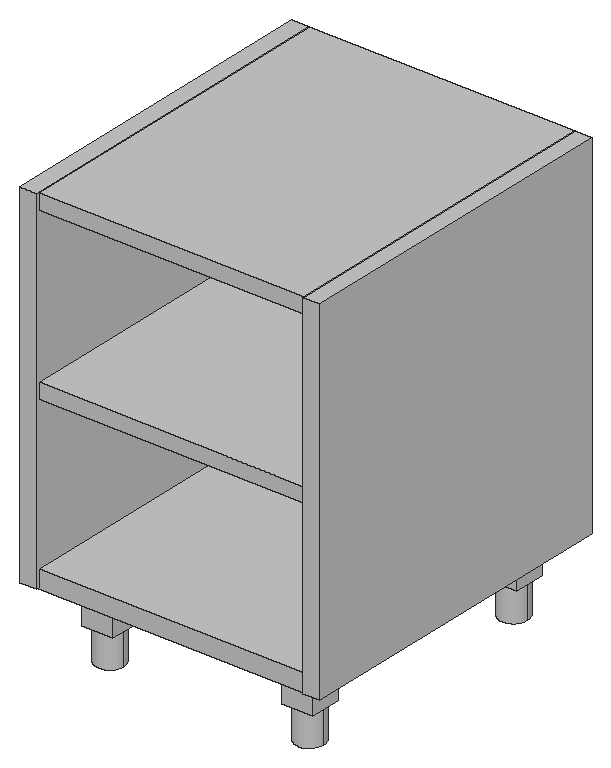
Revit family "QF_ELECTROLUXPROFESSIONAL_121811_TERG6", category Attrezzature speciali, Revit 2020
Family settings
  Quota connettore circolare = Usa diametro
  Tipo di parte = Normale
  Basato su piano di lavoro = No
  Sempre verticale = Sì
  Taglio con vuoti quando caricato = No
  Condiviso = No
  Punto di calcolo locali = No
Parameters (values of type "Standard")
  Weight = 9.00 kg
  Watts = 0 W
  Volts = 0 V
  URL Manufacturer = "https://www.electroluxprofessional.com/"
  URL = "https://www.electroluxprofessional.com/"
  Steam Supply Size = 0 mm
  Steam Supply Minimum Pressure = 0.0 Pa
  Steam Supply Maximum Pressure = 0.0 Pa
  Steam Consumption per Hour = 0
  Refrigeration Suction Line Size = 0.0 mm
  Refrigeration Liquid Line Size = 0.0 mm
  Refrigerant Compressor Remote = yes
  Prospetto di default = 0.0 mm
  Phase = 0
  Modello = "TERG6"
  Produttore = "Electrolux Professional"
  Length Actual = 600.0 mm  # constant formula
  Item Number = "121811"
  Hot Water Size = 0 mm
  Height Actual = 860.0 mm  # constant formula
  HP = "0 HP"
  Gas Size = 0 mm
  Gas KW = 0
  Gas Input Pressure = 0 W
  Direct Waste Size = 0 mm
  Descrizione = "OPEN AMBIENT UNIT 600MM"
  Depth Actual = 680.0 mm  # constant formula
  Cycle = 0 Hz
  Condensate Return Size = 0 mm
  Compressed Air Volume = 0.0 L/s
  Compressed Air Size = 0 mm
  Compressed Air Pressure = 0.0 Pa
  Cold Water Size = 0 mm
  Accessory = yes
Reference planes
  plane 1 "Center (Front/Back)": y = 0
  plane 2: z = 0
  plane 3 "Center (Left/Right)": x = -300
  plane 4 "LEFT": x = -600
  plane 5 "RIGHT": x = 0
  plane 6 "BACK": y = 340
  plane 7 "FRONT": y = -340
  plane 8 "Base": z = 860
  plane 9 "TOP": z = 900
  plane 10: x = -500
  plane 11: x = -100
  plane 12: y = 270
  plane 13: y = -240
  plane 14 "FEET": z = 150
  plane 15: x = 152.5
  plane 16: x = -566
  plane 17: x = -34
  plane 18: y = -337
  plane 19: y = 310
Forms (mm)
  Extrusion 1, solid, material "QF_Finishes_Stainless Steel"
    sketch origin (0, 0, 150) x (-1, 0, 0) y (0, -1, 0)
      loop
        line (600, -340) -> (600, 340) -> (566, 340) -> (566, -340) -> (600, -340)
      loop
        line (34, -340) -> (34, 340) -> (0, 340) -> (0, -340) -> (34, -340)
    from 0 to 710
  Extrusion 2, solid, material "QF_Finishes_Stainless Steel"
    sketch origin (0, 0, 150) x (-1, 0, 0) y (0, -1, 0)
      loop
        line (566, -310) -> (566, 337) -> (34, 337) -> (34, -310) -> (566, -310)
    from 0 to 35
  Extrusion 3, solid, material "QF_Finishes_Stainless Steel"
    sketch origin (0, 0, 0) x (1, 0, 0) y (0, 1, 0)
      loop
        line (-566, -337) -> (-34, -337) -> (-34, 310) -> (-566, 310) -> (-566, -337)
    from 490 to 520
  Extrusion 4, solid, material "QF_Finishes_Stainless Steel"
    sketch origin (0, 0, 0) x (1, 0, 0) y (0, 1, 0)
      loop
        line (-566, -337) -> (-34, -337) -> (-34, 340) -> (-566, 340) -> (-566, -337)
    from 830 to 860
  Extrusion 5, solid, material "QF_Finishes_Stainless Steel"
    sketch origin (0, 0, 150) x (-1, 0, 0) y (0, -1, 0)
      loop
        line (566, -340) -> (566, -310) -> (34, -310) -> (34, -340) -> (566, -340)
    from 680 to 0
Lines and regions (mm)
  symbolic lines, style "SpecialityEquipmentHiddenLines"
    curve 1: line (0, 340, 900) -> (-600, 340, 900)
    curve 2: line (0, -340, 900) -> (0, 340, 900)
    curve 3: line (-600, -344.5, 150) -> (-600, 340, 150)
    curve 4: line (-600, -340, 150) -> (-566, -340, 150)
    curve 5: line (-566, -340, 150) -> (-566, -337, 150)
    curve 6: line (-566, -337, 150) -> (-34, -337, 150)
    curve 7: line (-34, -337, 150) -> (-34, -340, 150)
    curve 8: line (-34, -340, 150) -> (0, -340, 150)
Dimensions and locks
  plane 4 "LEFT" to plane 5 "RIGHT" = 600.0 mm
  equal spacing: plane 4 "LEFT", plane 3 "Center (Left/Right)", plane 5 "RIGHT"
  plane 6 "BACK" to plane 7 "FRONT" = 680.0 mm
  equal spacing: plane 6 "BACK", plane 1 "Center (Front/Back)", plane 7 "FRONT"
  locked: plane 14 "FEET" to level at 150
  locked: plane 4 "LEFT" to plane 10 at 100
  locked: plane 11 to plane 5 "RIGHT" at 100
  locked: plane 4 "LEFT" to plane 16 at 34
  locked: plane 17 to plane 5 "RIGHT" at 34
  plane 18 to plane 7 "FRONT" = 3.0 mm
  plane 6 "BACK" to plane 19 = 30.0 mm
  locked: plane 6 "BACK" to plane 12 at 70
  locked: plane 13 to plane 7 "FRONT" at 100
  locked: plane 8 "Base" to level at 860
  locked: plane 9 "TOP" to level at 900
  aligned and locked: level to plane 2
  aligned and locked: plane 10 to nested 1
  aligned and locked: plane 11 to nested 2
  aligned and locked: plane 11 to nested 4
  aligned and locked: nested 4 to plane 12
  aligned and locked: plane 10 to nested 3
  aligned and locked: nested 3 to plane 12
  aligned and locked: plane 8 "Base" to Extrusion 1
  aligned and locked: plane 6 "BACK" to Extrusion 1 sketch curve
  aligned and locked: Extrusion 1 sketch curve to plane 6 "BACK"
  aligned and locked: plane 7 "FRONT" to Extrusion 1 sketch curve
  aligned and locked: Extrusion 1 sketch curve to plane 7 "FRONT"
  aligned and locked: plane 16 to Extrusion 1
  aligned and locked: Extrusion 1 to plane 17
  aligned and locked: Extrusion 2 to plane 16
  aligned and locked: plane 17 to Extrusion 2
  aligned and locked: plane 17 to Extrusion 3
  aligned and locked: Extrusion 3 to plane 16
  aligned and locked: plane 8 "Base" to Extrusion 4
  aligned and locked: Extrusion 2 to plane 18
  aligned and locked: Extrusion 2 to plane 19
  aligned and locked: Extrusion 3 to plane 19
  aligned and locked: Extrusion 4 to plane 18
  aligned and locked: Extrusion 3 to plane 18
  aligned and locked: plane 16 to Extrusion 5 sketch curve
  aligned and locked: Extrusion 5 sketch curve to plane 17
  aligned and locked: Extrusion 5 sketch curve to plane 6 "BACK"
  aligned and locked: Extrusion 5 sketch curve to plane 19
  aligned and locked: Extrusion 5 to Extrusion 4
  aligned and locked: Extrusion 5 to plane 14 "FEET"
  aligned and locked: plane 6 "BACK" to Extrusion 4
  aligned and locked: nested 1 to plane 13
  aligned and locked: nested 2 to plane 13
Automatic sketch dimensions
  curve 2 to plane 5 "RIGHT" = 0.0 mm
  curve 2 to plane 7 "FRONT" = 0.0 mm
  curve 1 to plane 4 "LEFT" = 0.0 mm
  curve 1 to plane 6 "BACK" = 0.0 mm
  Extrusion 1 sketch curve to plane 5 "RIGHT" = 0.0 mm
  Extrusion 1 sketch curve to plane 17 = 0.0 mm
  Extrusion 1 sketch curve to plane 16 = 0.0 mm
  Extrusion 1 sketch curve to plane 4 "LEFT" = 0.0 mm
  Extrusion 2 sketch curve to plane 17 = 0.0 mm
  Extrusion 2 sketch curve to plane 16 = 0.0 mm
  plane 19 to Extrusion 2 sketch curve = 0.0 mm
  Extrusion 2 sketch curve to plane 18 = 0.0 mm
  curve 8 to plane 5 "RIGHT" = 0.0 mm
  curve 8 to plane 7 "FRONT" = 0.0 mm
  curve 8 to plane 17 = 0.0 mm
  curve 6 to plane 16 = 0.0 mm
  curve 3 to plane 4 "LEFT" = 0.0 mm
  curve 3 to plane 6 "BACK" = 0.0 mm
  curve 6 to plane 18 = 0.0 mm
  curve 4 to plane 7 "FRONT" = 0.0 mm
  curve 4 to curve 3 = 4.5 mm
  Extrusion 3 sketch curve to plane 16 = 0.0 mm
  Extrusion 3 sketch curve to plane 17 = 0.0 mm
  Extrusion 3 sketch curve to plane 18 = 0.0 mm
  plane 19 to Extrusion 3 sketch curve = 0.0 mm
  Extrusion 4 sketch curve to plane 16 = 0.0 mm
  Extrusion 4 sketch curve to plane 17 = 0.0 mm
  Extrusion 4 sketch curve to plane 18 = 0.0 mm
  Extrusion 4 sketch curve to plane 19 = 30.0 mm
Nested families
  nested 1: "FEET_L63-150" at (-500, -240, 0), type "FEET_L63-150"
  nested 2: "FEET_L63-150" at (-100, -240, 0), type "FEET_L63-150"
  nested 3: "FEET_L63-150" at (-500, 270, 0), type "FEET_L63-150"
  nested 4: "FEET_L63-150" at (-100, 270, 0), type "FEET_L63-150"
Definition of nested family "FEET_L63-150"
  Parameters
    Default Elevation = 0.0 mm
    FEET = 150.0 mm
  Reference planes
    plane 1 "Center (Front/Back)": y = 0
    plane 2: z = 0
    plane 3 "Center (Left/Right)": x = 0
    plane 4: z = 150
  Forms (mm)
    Extrusion 1, solid
      sketch origin (0, 0, 0) x (1, 0, 0) y (0, 1, 0)
        loop
          circle (0, 0) r 28
      from 0 to 67
    Extrusion 2, solid
      sketch origin (0, 0, 0) x (1, 0, 0) y (0, 1, 0)
        loop
          line (31.561, 31.5) -> (-31.439, 31.5) -> (-31.439, -31.5) -> (31.561, -31.5) -> (31.561, 31.5)
      from 67 to 150 <- "FEET"
  Lines and regions (mm)
    symbolic lines
      curve 1: line (0, -1.503, 0) -> (0, 1.508, 0)
      curve 2: line (1.561, 0, 0) -> (-1.439, 0, 0)
  Dimensions and locks
    "FEET": plane 4 to plane 2
    aligned and locked: level to plane 2
  Automatic sketch dimensions
    plane 1 "Center (Front/Back)" to Extrusion 1 sketch curve = 0.0 mm
    Extrusion 1 sketch curve to plane 3 "Center (Left/Right)" = 0.0 mm
    plane 1 "Center (Front/Back)" to curve 2 = 0.0 mm
    curve 1 to plane 3 "Center (Left/Right)" = 0.0 mm
    curve 2 to plane 3 "Center (Left/Right)" = 1.439 mm
    plane 3 "Center (Left/Right)" to curve 2 = 1.561 mm
    plane 1 "Center (Front/Back)" to curve 1 = 1.503 mm
    curve 1 to plane 1 "Center (Front/Back)" = 1.508 mm
    Extrusion 2 sketch curve to plane 1 "Center (Front/Back)" = 31.5 mm
    Extrusion 2 sketch curve to plane 3 "Center (Left/Right)" = 31.439 mm
    plane 3 "Center (Left/Right)" to Extrusion 2 sketch curve = 31.561 mm
    plane 1 "Center (Front/Back)" to Extrusion 2 sketch curve = 31.5 mm
    radius of Extrusion 1 sketch curve = 28.0 mm
